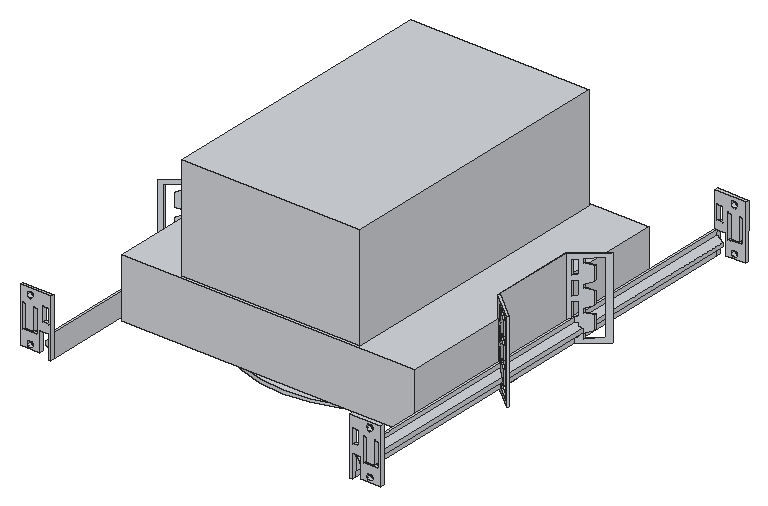
Revit family "Alcon-14135-8-O-Revit-Family", category Lighting Fixtures, host Ceiling, Revit 2021
Family settings
  Host = Ceiling
  Round Connector Dimension = Use Diameter
  Part Type = Normal
  Always vertical = Yes
  Cut with Voids When Loaded = Yes
  Light Source = Yes
  Shared = No
  Room Calculation Point = No
Parameters (values of type "Type 1")
  Wattage = 9.2903 W
  built-in parameter 1150110 = 1 (stored number, unit not read)
  built-in parameter 1114217 = 1 (stored number, unit not read)
  Tilt Angle = 60.00°
  built-in parameter 1150109 = 1 (stored number, unit not read)
  built-in parameter 1150134 = 3
  built-in parameter 1150113 = 1 (stored number, unit not read)
  built-in parameter 1010507 = 1.5708 (stored number, unit not read)
  built-in parameter 1010506 = 0.5236 (stored number, unit not read)
  Reflector = none
  Product Identity = "Alcon Lighting 14135-8-O"
  Manufacturer = "Alcon Light"
  built-in parameter 1150105 = 4614.1 (stored number, unit not read)
  Lumens = 1380 lm
  built-in parameter 1150115 = 1 (stored number, unit not read)
  Link To Product Page = "https://www.alconlighting.com/14135-8-o.html"
  Light Source Symbol Length = 10' - 0"
  Light Source = none
  built-in parameter 1150137 = (empty or 0)
  built-in parameter 1150139 = (empty or 0)
  built-in parameter 1150112 = 1 (stored number, unit not read)
  built-in parameter 1150114 = 1 (stored number, unit not read)
  built-in parameter 1150132 = (empty or 0)
  built-in parameter 1150102 = (empty or 0)
  built-in parameter 1150107 = 3200 (stored number, unit not read)
  built-in parameter 1150138 = (empty or 0)
  built-in parameter 1150106 = 46.141 (stored number, unit not read)
  Housing = none
  built-in parameter 1150104 = 13.8 (stored number, unit not read)
  Lens = none
  Dimming Lamp Color Temperature Shift = <None>
  Default Elevation = 0' - 0"
  Color Filter = 16777215
  built-in parameter 1114218 = 1 (stored number, unit not read)
  built-in parameter 1150133 = 10 (stored number, unit not read)
Reference planes (in)
  plane 1 "Center (Front/Back)": y = 0
  plane 2: z = 0
  plane 3 "Center (Left/Right)": x = 0
  plane 4 "Ceiling": z = 157.48031
Forms (in)
  Revolve 1, solid, material <- "Housing"
    sketch origin (0, 0, 0) x (1, 0, 0) y (0, 0, 1)
      loop
        arc (-3.875, 157.37825) -> (-3.0184, 159.52317) -> (-1.73308, 161.44214) r 11.00746
        line (-1.73308, 161.44214) -> (-1.82848, 161.52291)
        arc (-1.82848, 161.52291) -> (-3.1122, 159.61318) -> (-3.97586, 157.48031) r 11.13246
        line (-3.97586, 157.48031) -> (-4.31988, 157.48031) -> (-4.31988, 157.37825) -> (-3.875, 157.37825)
      axis (0, 157.37825) -> (0, 161.52291)
    angle from 0 to 360
  Revolve 2, solid, material <- "Light Source"
    sketch origin (0, 0, 4.04922) x (1, 0, 0) y (0, 0, 1)
      loop
        line (0, 159.20873) -> (0, 159.40025) -> (-2.90741, 159.40025) -> (-2.90741, 159.20873) -> (0, 159.20873)
      axis (0, 159.20873) -> (0, 159.40025)
    angle from 0 to 360
  Extrusion 3, solid, material <- "Housing"
    sketch origin (0, 0, 157.48031) x (0, 1, 0) y (-1, 0, 0)
      loop
        line (-4.93441, 4.94097) -> (-4.93441, -4.94097) -> (4.93441, -4.94097) -> (4.93441, 4.94097) -> (-4.93441, 4.94097)
      loop
        line (-4.80941, 4.81597) -> (-4.80941, -4.81597) -> (4.80941, -4.81597) -> (4.80941, 4.81597) -> (-4.80941, 4.81597)
    from 0.71933 to 2.53659
  Extrusion 4, solid, material <- "Housing"
    sketch origin (0, 0, 157.48031) x (0, 1, 0) y (-1, 0, 0)
      loop
        line (-4.93441, 4.94097) -> (-4.93441, -4.94097) -> (4.93441, -4.94097) -> (4.93441, 4.94097) -> (-4.93441, 4.94097)
      loop
        circle (0, 0) r 2.90738
    from 2.53659 to 2.61884
  Extrusion 5, solid, material <- "Housing"
    sketch origin (0, 0, 157.48031) x (0, 1, 0) y (-1, 0, 0)
      loop
        line (-4.80941, 3.00347) -> (-4.80941, -2.99653) -> (4.80941, -2.99653) -> (4.80941, 3.00347) -> (-4.80941, 3.00347)
    from 2.61884 to 6.10716
  Extrusion 6, solid, material <- "Housing"
    sketch origin (0, 0, 157.48031) x (0, 1, 0) y (-1, 0, 0)
      loop
        line (-4.93441, 4.94097) -> (-4.93441, -4.94097) -> (4.93441, -4.94097) -> (4.93441, 4.94097) -> (-4.93441, 4.94097)
      loop
        circle (0, 0) r 3.97656
    from 0.63752 to 0.71933
  Extrusion 7, void
    sketch origin (0, 0, 157.48031) x (0, 1, 0) y (-1, 0, 0)
      loop
        circle (0, 0) r 2.90738
    from 2.61884 to 5.96915
  Extrusion 8, solid, material <- "Housing"
    sketch origin (1.67888, 1.85467, 0.19356) x (1, 0, 0) y (0, 0, 1)
      loop
        line (4.39781, 158.03648) -> (4.39781, 159.87663) -> (3.35584, 159.87663) -> (3.35584, 157.92428) -> (3.44441, 157.92428) -> (3.44441, 158.70601) -> (3.73637, 158.70601) -> (3.73637, 158.03648) -> (4.39781, 158.03648)
      loop
        line (3.44441, 158.99543) -> (3.65052, 158.99543) -> (3.65052, 159.49543) -> (3.44441, 159.49543) -> (3.44441, 158.99543)
      loop
        line (4.31618, 158.54453) -> (4.31618, 159.36762) -> (4.20186, 159.36762) -> (4.20186, 158.61762) -> (3.9305, 158.61762) -> (3.9305, 159.36762) -> (3.81618, 159.36762) -> (3.81618, 158.54453) -> (4.31618, 158.54453)
      loop
        circle (4.04182, 159.68118) r 0.11132
      loop
        circle (4.04182, 158.18118) r 0.11132
    from -5.84043 to -5.72106
  Extrusion 9, solid, material <- "Housing"
    sketch origin (2.73206, -0.39533, 0) x (1, 0, 0) y (0, 0, 1)
      loop
        line (2.32609, 158.89957) -> (2.32609, 158.11784) -> (2.39122, 158.11784) -> (2.39122, 158.32322) -> (2.56408, 158.44426) -> (2.56408, 158.58056) -> (2.39122, 158.75342) -> (2.39122, 158.89957) -> (2.32609, 158.89957)
    from -7.97106 to 7.26645
  Extrusion 10, solid, material <- "Housing"
    sketch origin (1.67888, -13.50221, 0.19356) x (1, 0, 0) y (0, 0, 1)
      loop
        line (4.39781, 158.03648) -> (4.39781, 159.87663) -> (3.35584, 159.87663) -> (3.35584, 157.92428) -> (3.44441, 157.92428) -> (3.44441, 158.70601) -> (3.73637, 158.70601) -> (3.73637, 158.03648) -> (4.39781, 158.03648)
      loop
        line (3.44441, 158.99543) -> (3.65052, 158.99543) -> (3.65052, 159.49543) -> (3.44441, 159.49543) -> (3.44441, 158.99543)
      loop
        line (4.31618, 158.54453) -> (4.31618, 159.36762) -> (4.20186, 159.36762) -> (4.20186, 158.61762) -> (3.9305, 158.61762) -> (3.9305, 159.36762) -> (3.81618, 159.36762) -> (3.81618, 158.54453) -> (4.31618, 158.54453)
      loop
        circle (4.04182, 159.68118) r 0.11132
      loop
        circle (4.04182, 158.18118) r 0.11132
    from -5.84043 to -5.72106
  Extrusion 11, solid
    sketch origin (0, 0, 157.48031) x (0, 1, 0) y (-1, 0, 0)
      loop
        line (2.22574, -5.88598) -> (1.43278, -4.94097) -> (-1.43278, -4.94097) -> (-2.22574, -5.88598) -> (-2.19791, -5.91382) -> (-1.39672, -4.959) -> (1.39672, -4.959) -> (2.19791, -5.91382) -> (2.22574, -5.88598)
    from 0.63752 to 3.35606
  Extrusion 12, void
    sketch origin (0, 0, 0) x (1, 0, 0) y (0, 0, 1)
      loop
        line (5.3215, 158.2703) -> (5.77462, 158.2703) -> (5.77462, 160.71441) -> (5.3215, 160.71441) -> (5.3215, 160.56029) -> (5.54808, 160.45463) -> (5.54808, 160.0117) -> (5.3215, 159.92923) -> (5.3215, 159.80004) -> (5.54808, 159.69438) -> (5.54808, 159.29033) -> (5.3215, 159.18467) -> (5.3215, 159.05548) -> (5.54808, 158.97301) -> (5.54808, 158.53008) -> (5.3215, 158.42442) -> (5.3215, 158.2703)
      loop
        line (5.23014, 160.18684) -> (5.23014, 160.66763) -> (5.084, 160.66763) -> (5.084, 160.18684) -> (5.23014, 160.18684)
      loop
        line (5.23014, 159.55205) -> (5.23014, 160.03284) -> (5.084, 160.03284) -> (5.084, 159.55205) -> (5.23014, 159.55205)
      loop
        line (5.23014, 158.91726) -> (5.23014, 159.39805) -> (5.084, 159.39805) -> (5.084, 158.91726) -> (5.23014, 158.91726)
      loop
        line (5.23014, 158.28246) -> (5.23014, 158.76325) -> (5.084, 158.76325) -> (5.084, 158.28246) -> (5.23014, 158.28246)
    from -2.16392 to 2.22574
  Extrusion 13, solid, material <- "Housing"
    sketch origin (-1.67888, 1.85467, 0.19356) x (-1, 0, 0) y (0, 0, -1)
      loop
        line (4.39781, -158.03648) -> (3.73637, -158.03648) -> (3.73637, -158.70601) -> (3.44441, -158.70601) -> (3.44441, -157.92428) -> (3.35584, -157.92428) -> (3.35584, -159.87663) -> (4.39781, -159.87663) -> (4.39781, -158.03648)
      loop
        line (3.44441, -158.99543) -> (3.44441, -159.49543) -> (3.65052, -159.49543) -> (3.65052, -158.99543) -> (3.44441, -158.99543)
      loop
        line (4.31618, -158.54453) -> (3.81618, -158.54453) -> (3.81618, -159.36762) -> (3.9305, -159.36762) -> (3.9305, -158.61762) -> (4.20186, -158.61762) -> (4.20186, -159.36762) -> (4.31618, -159.36762) -> (4.31618, -158.54453)
      loop
        circle (4.04182, -159.68118) r 0.11132
      loop
        circle (4.04182, -158.18118) r 0.11132
    from -5.84043 to -5.72106
  Extrusion 14, solid, material <- "Housing"
    sketch origin (-2.73206, -0.39533, 0) x (-1, 0, 0) y (0, 0, -1)
      loop
        line (2.32609, -158.89957) -> (2.39122, -158.89957) -> (2.39122, -158.75342) -> (2.56408, -158.58056) -> (2.56408, -158.44426) -> (2.39122, -158.32322) -> (2.39122, -158.11784) -> (2.32609, -158.11784) -> (2.32609, -158.89957)
    from -7.97106 to 7.26645
  Extrusion 15, solid, material <- "Housing"
    sketch origin (-1.67888, -13.50221, 0.19356) x (-1, 0, 0) y (0, 0, -1)
      loop
        line (4.39781, -158.03648) -> (3.73637, -158.03648) -> (3.73637, -158.70601) -> (3.44441, -158.70601) -> (3.44441, -157.92428) -> (3.35584, -157.92428) -> (3.35584, -159.87663) -> (4.39781, -159.87663) -> (4.39781, -158.03648)
      loop
        line (3.44441, -158.99543) -> (3.44441, -159.49543) -> (3.65052, -159.49543) -> (3.65052, -158.99543) -> (3.44441, -158.99543)
      loop
        line (4.31618, -158.54453) -> (3.81618, -158.54453) -> (3.81618, -159.36762) -> (3.9305, -159.36762) -> (3.9305, -158.61762) -> (4.20186, -158.61762) -> (4.20186, -159.36762) -> (4.31618, -159.36762) -> (4.31618, -158.54453)
      loop
        circle (4.04182, -159.68118) r 0.11132
      loop
        circle (4.04182, -158.18118) r 0.11132
    from -5.84043 to -5.72106
  Extrusion 16, solid
    sketch origin (0, 0, 157.48031) x (0, -1, 0) y (1, 0, 0)
      loop
        line (-2.22574, -5.88598) -> (-2.19791, -5.91382) -> (-1.39672, -4.959) -> (1.39672, -4.959) -> (2.19791, -5.91382) -> (2.22574, -5.88598) -> (1.43278, -4.94097) -> (-1.43278, -4.94097) -> (-2.22574, -5.88598)
    from 0.63752 to 3.35606
  Extrusion 17, void
    sketch origin (0, 0, 0) x (-1, 0, 0) y (0, 0, -1)
      loop
        line (5.3215, -158.2703) -> (5.3215, -158.42442) -> (5.54808, -158.53008) -> (5.54808, -158.97301) -> (5.3215, -159.05548) -> (5.3215, -159.18467) -> (5.54808, -159.29033) -> (5.54808, -159.69438) -> (5.3215, -159.80004) -> (5.3215, -159.92923) -> (5.54808, -160.0117) -> (5.54808, -160.45463) -> (5.3215, -160.56029) -> (5.3215, -160.71441) -> (5.77462, -160.71441) -> (5.77462, -158.2703) -> (5.3215, -158.2703)
      loop
        line (5.23014, -160.18684) -> (5.084, -160.18684) -> (5.084, -160.66763) -> (5.23014, -160.66763) -> (5.23014, -160.18684)
      loop
        line (5.23014, -159.55205) -> (5.084, -159.55205) -> (5.084, -160.03284) -> (5.23014, -160.03284) -> (5.23014, -159.55205)
      loop
        line (5.23014, -158.91726) -> (5.084, -158.91726) -> (5.084, -159.39805) -> (5.23014, -159.39805) -> (5.23014, -158.91726)
      loop
        line (5.23014, -158.28246) -> (5.084, -158.28246) -> (5.084, -158.76325) -> (5.23014, -158.76325) -> (5.23014, -158.28246)
    from -2.16392 to 2.22574
Cuts and joins
  joined: Extrusion 3, Extrusion 4, Extrusion 6
  Extrusion 7 cuts Extrusion 5
  Extrusion 12, Extrusion 17 cuts Extrusion 11
  Extrusion 17 cuts Extrusion 9
  Extrusion 17 cuts Extrusion 14
  Extrusion 17 cuts Extrusion 16
Dimensions and locks (in)
  equal spacing: host sketch curve, plane 3 "Center (Left/Right)", host sketch curve
  equal spacing: host sketch curve, plane 1 "Center (Front/Back)", host sketch curve
  host sketch curve to host sketch curve = 13' - 1.48031"  (x2)
  plane 4 "Ceiling" to host ceiling = 0' - 0"
